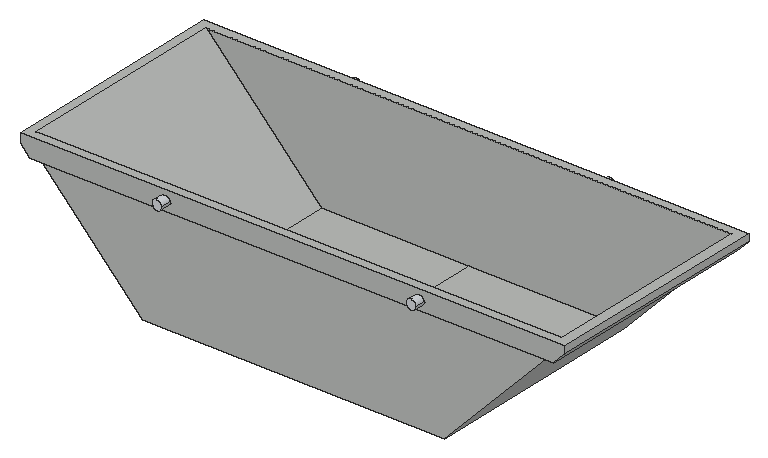
Revit family
Parameters (values of type "Mulde 450x185x10")
  Material Farbe [instance] = Standard
  Assembly Code = ""
Reference planes
  plane 1 "Mitte (Vorne/hinten)": y = 0
  plane 2: z = 0
  plane 3 "Mitte (Links/rechts)": x = 0
Forms (mm)
  Extrusion 1, solid, material "Standard" <- "Material Farbe"
    sketch origin (0, -30, 0) x (1, 0, 0) y (0, 1, 0)
      loop
        line (-2250, 980) -> (-2250, -920) -> (3050.733, -920) -> (3050.733, 980) -> (-2250, 980)
    from 0 to 1050
  Blend 2, void
    base sketch origin (0, 0, 0) x (-1, 0, 0) y (0, 0, -1)
      loop
        line (-3143.322, -1050) -> (-2263.322, -1050) -> (-2263.322, -989.877) -> (-2168.842, -890.672) -> (-2098.26, -890.672) -> (-1250, 0) -> (-3143.322, 0) -> (-3143.322, -1050)
    top sketch origin (0, 0, 0) x (-1, 0, 0) y (0, 0, -1)
      loop
        line (-3143.322, -1050) -> (-2263.322, -1050) -> (-2263.322, -989.877) -> (-2168.842, -890.672) -> (-2098.26, -890.672) -> (-1250, 0) -> (-3143.322, 0) -> (-3143.322, -1050)
    from -1663.001 to 1300.197
  Extrusion 3, void
    sketch origin (0, 0, 0) x (1, 0, 0) y (0, 0, 1)
      loop
        line (2179.418, 1050) -> (0, 1050) -> (-2179.418, 1050) -> (-1223.14, 45.908) -> (0, 45.908) -> (1223.14, 45.908) -> (2179.418, 1050)
    from -885.333 to 881.387
  Extrusion 4, void
    sketch origin (0, 0, 0) x (1, 0, 0) y (0, 0, 1)
      loop
        line (-2249.589, 890.672) -> (-2249.589, 0) -> (2252.322, 0) -> (2252.322, 890.672) -> (-2027.678, 890.672) -> (-2249.589, 890.672)
    from 927.793 to 1612.48
  Blend 5, void
    base sketch origin (0, 0, 0) x (1, 0, 0) y (0, 0, 1)
      loop
        line (-3143.322, 1050) -> (-3143.322, 0) -> (-1250, 0) -> (-2098.26, 890.672) -> (-2168.842, 890.672) -> (-2263.322, 989.877) -> (-2263.322, 1050) -> (-3143.322, 1050)
    top sketch origin (0, 0, 0) x (1, 0, 0) y (0, 0, 1)
      loop
        line (-3143.322, 1050) -> (-3143.322, 0) -> (-1250, 0) -> (-2098.26, 890.672) -> (-2168.842, 890.672) -> (-2263.322, 989.877) -> (-2263.322, 1050) -> (-3143.322, 1050)
    from -1663.001 to 1300.197
  Extrusion 6, void
    sketch origin (0, 0, 0) x (1, 0, 0) y (0, 0, -1)
      loop
        line (-2249.589, -890.672) -> (-2027.678, -890.672) -> (2252.322, -890.672) -> (2252.322, 0) -> (-2249.589, 0) -> (-2249.589, -890.672)
    from 927.793 to 1612.48
  Blend 7, solid
    base sketch origin (0, 0, 0) x (1, 0, 0) y (0, 0, 1)
      loop
        circle (-1052.872, 968.629) r 40
    top sketch origin (0, 0, 0) x (1, 0, 0) y (0, 0, 1)
      loop
        circle (-1052.872, 968.629) r 40
    from 927.793 to 1027.579
  Blend 8, solid
    base sketch origin (0, 0, 0) x (-1, 0, 0) y (0, 0, -1)
      loop
        circle (-1052.872, -968.629) r 40
    top sketch origin (0, 0, 0) x (-1, 0, 0) y (0, 0, -1)
      loop
        circle (-1052.872, -968.629) r 40
    from 927.793 to 1027.579
  Blend 9, solid
    base sketch origin (0, 0, 0) x (-1, 0, 0) y (0, 0, 1)
      loop
        circle (-1052.872, 968.629) r 40
    top sketch origin (0, 0, 0) x (-1, 0, 0) y (0, 0, 1)
      loop
        circle (-1052.872, 968.629) r 40
    from 927.793 to 1027.579
  Blend 10, solid
    base sketch origin (0, 0, 0) x (1, 0, 0) y (0, 0, -1)
      loop
        circle (-1052.872, -968.629) r 40
    top sketch origin (0, 0, 0) x (1, 0, 0) y (0, 0, -1)
      loop
        circle (-1052.872, -968.629) r 40
    from 927.793 to 1027.579
Cuts and joins
  Blend 2, Extrusion 3, Extrusion 4, Blend 5, Extrusion 6 cuts Extrusion 1
Dimensions and locks
  equal spacing: cut or joined group of Extrusion 1, Blend 2, Extrusion 3, Extrusion 4, Blend 5, Extrusion 6, plane 1 "Mitte (Vorne/hinten)", cut or joined group of Extrusion 1, Blend 2, Extrusion 3, Extrusion 4, Blend 5, Extrusion 6
  cut or joined group of Extrusion 1, Blend 2, Extrusion 3, Extrusion 4, Blend 5, Extrusion 6 to cut or joined group of Extrusion 1, Blend 2, Extrusion 3, Extrusion 4, Blend 5, Extrusion 6 = 1900 mm
Automatic sketch dimensions
  plane 1 "Mitte (Vorne/hinten)" to Extrusion 1 sketch curve = 950 mm
  Extrusion 1 sketch curve to plane 3 "Mitte (Links/rechts)" = 2250 mm
  plane 3 "Mitte (Links/rechts)" to Extrusion 1 sketch curve = 3050.733 mm
  Extrusion 1 sketch curve to plane 1 "Mitte (Vorne/hinten)" = 950 mm
  Blend 2 sketch curve to level = 0 mm  (x2)
  Blend 2 sketch curve to plane 3 "Mitte (Links/rechts)" = 3143.322 mm  (x2)
  Blend 2 sketch curve to Blend 2 sketch curve = 880 mm  (x2)
  Blend 2 sketch curve to Blend 2 sketch curve = 94.48 mm  (x2)
  Blend 2 sketch curve to Blend 2 sketch curve = 70.582 mm  (x2)
  Blend 2 sketch curve to Blend 2 sketch curve = 848.26 mm  (x2)
  Blend 2 sketch curve to level = 890.672 mm  (x2)
  Blend 2 sketch curve to Blend 2 sketch curve = 99.204 mm  (x2)
  Blend 2 sketch curve to Blend 2 sketch curve = 60.123 mm  (x2)
  Extrusion 3 sketch curve to plane 3 "Mitte (Links/rechts)" = 0 mm  (x2)
  level to Extrusion 3 sketch curve = 45.908 mm
  Extrusion 3 sketch curve to plane 3 "Mitte (Links/rechts)" = 1223.14 mm
  Extrusion 3 sketch curve to Extrusion 3 sketch curve = 956.278 mm  (x2)
  plane 3 "Mitte (Links/rechts)" to Extrusion 3 sketch curve = 1223.14 mm
  level to Extrusion 3 sketch curve = 1050 mm
  Extrusion 4 sketch curve to level = 0 mm
  level to Extrusion 4 sketch curve = 890.672 mm
  Extrusion 4 sketch curve to plane 3 "Mitte (Links/rechts)" = 2249.589 mm
  Extrusion 4 sketch curve to Extrusion 4 sketch curve = 221.912 mm
  plane 3 "Mitte (Links/rechts)" to Extrusion 4 sketch curve = 2252.322 mm
  Blend 5 sketch curve to level = 0 mm  (x2)
  Blend 5 sketch curve to plane 3 "Mitte (Links/rechts)" = 3143.322 mm  (x2)
  Blend 5 sketch curve to Blend 5 sketch curve = 880 mm  (x2)
  Blend 5 sketch curve to Blend 5 sketch curve = 94.48 mm  (x2)
  Blend 5 sketch curve to Blend 5 sketch curve = 70.582 mm  (x2)
  Blend 5 sketch curve to Blend 5 sketch curve = 848.26 mm  (x2)
  level to Blend 5 sketch curve = 890.672 mm  (x2)
  Blend 5 sketch curve to Blend 5 sketch curve = 99.204 mm  (x2)
  Blend 5 sketch curve to Blend 5 sketch curve = 60.123 mm  (x2)
  Extrusion 6 sketch curve to level = 0 mm
  level to Extrusion 6 sketch curve = 890.672 mm
  Extrusion 6 sketch curve to plane 3 "Mitte (Links/rechts)" = 2249.589 mm
  Extrusion 6 sketch curve to Extrusion 6 sketch curve = 221.912 mm
  plane 3 "Mitte (Links/rechts)" to Extrusion 6 sketch curve = 2252.322 mm
  Blend 7 sketch curve to plane 3 "Mitte (Links/rechts)" = 1052.872 mm  (x2)
  level to Blend 7 sketch curve = 968.629 mm  (x2)
  Blend 8 sketch curve to plane 3 "Mitte (Links/rechts)" = 1052.872 mm  (x2)
  Blend 8 sketch curve to level = 968.629 mm  (x2)
  plane 3 "Mitte (Links/rechts)" to Blend 9 sketch curve = 1052.872 mm  (x2)
  level to Blend 9 sketch curve = 968.629 mm  (x2)
  Blend 10 sketch curve to plane 3 "Mitte (Links/rechts)" = 1052.872 mm  (x2)
  level to Blend 10 sketch curve = 968.629 mm  (x2)
  radius of Blend 7 sketch curve = 40 mm  (x2)
  radius of Blend 8 sketch curve = 40 mm  (x2)
  radius of Blend 9 sketch curve = 40 mm  (x2)
  radius of Blend 10 sketch curve = 40 mm  (x2)
